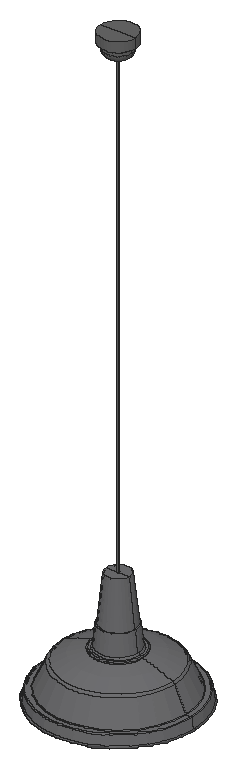
Revit family "OSNC LED 24,36,40", category Lighting Fixtures, Revit 2020
Family settings
  Round Connector Dimension = Use Diameter
  Part Type = Normal
  OmniClass Number = 23.80.70.00
  OmniClass Title = Lighting
  Work Plane-Based = No
  Always vertical = Yes
  Cut with Voids When Loaded = No
  Light Source = Yes
  Shared = No
  Room Calculation Point = No
Parameters (values of type "OSNC24")
  b = 0' - 2"
  a = 1' - 6"
  Weight = "14.5 lbs"
  Wattage Comments = "37 W"
  Wattage = 20.1963 W
  Warranty = "5 year limited warranty"  # constant formula
  built-in parameter 1150110 = 1 (stored number, unit not read)
  Voltage = 120 V
  URL = "https://www.anplighting.com/assets/Uploads/product-attachments/specification-sheets/ANP-Specification-Sheet-RLM-LED-OSNC24.pdf"
  built-in parameter 1114217 = 1 (stored number, unit not read)
  Tilt Angle = 90.00°
  built-in parameter 1150109 = 1 (stored number, unit not read)
  built-in parameter 1150134 = 12
  built-in parameter 1150113 = 1 (stored number, unit not read)
  Photometric Web File = "generic"
  OSNC40 = no
  OSNC36 = no
  OSNC24 = yes
  built-in parameter 1150142 = (empty or 0)
  Mounting Option [instance] = 1
  Power Factor = 1
  Post Mount [instance] = Mounting Option = 5  # no
  Placement X axis side [instance] = if(Post Mount, 2' 2 15/32", if(Cord or Stem Mount, 0' 0", if(E36 20 inch, 1' 8 1/4", if(E 6 26 inch, 2' 2", if(E7 41 inch, 3' 5 1/4", 0' 1")))))  # 0' - 0"
  Model = "OSNC24"
  Manufacturer = "ANP Lighting"  # constant formula
  built-in parameter 1150105 = 238.73 (stored number, unit not read)
  Lumens = 3000 lm
  built-in parameter 1150115 = 1 (stored number, unit not read)
  Load Classification = Lighting
  Light Source Height [instance] = 0' - 0"
  built-in parameter 1150137 = (empty or 0)
  built-in parameter 1150139 = (empty or 0)
  Light Elevation _2 [instance] = if(Post Mount, 0' 0.66142", if(E7 41 inch, 0' 0.66142", if(E36 20 inch, 0' 1.65748", if(E 6 26 inch, 0' 1.53543", if(Cord or Stem Mount, (0' 4.3622" + Cord Length), 0' 0")))))  # 6' - 4.3622"
  Light Elevation _1 [instance] = if(Post Mount, 0' 0", if(E7 41 inch, 0' 0", if(E36 20 inch, 0' 1", if(E 6 26 inch, 0' 0.87402", if(Cord or Stem Mount, (0' 3.66142" + Cord Length), 0' 0")))))  # 6' - 3.66142"
  Light Elevation [instance] = if(Post Mount, 14' 0.5315", if(E7 41 inch, 0' 0", 0' 0"))  # 0' - 0"
  Life = "L70 50,000 hours"  # constant formula
  built-in parameter 1150112 = 1 (stored number, unit not read)
  built-in parameter 1150114 = 1 (stored number, unit not read)
  Lamp = "LED"
  built-in parameter 1150132 = 2
  built-in parameter 1150102 = (empty or 0)
  built-in parameter 1150107 = 4000 (stored number, unit not read)
  built-in parameter 1150138 = (empty or 0)
  built-in parameter 1150106 = 2.3873 (stored number, unit not read)
  INSIDE BODY = white
  Fixture Height = 1' - 6"
  Fixture Diameter = 2' - 0"
  Efficiency = "65-125 lumens per watt"  # constant formula
  built-in parameter 1150104 = 13.8 (stored number, unit not read)
  E7 41 inch [instance] = Mounting Option = 4  # no
  E36 20 inch [instance] = Mounting Option = 3  # no
  E 6 26 inch [instance] = Mounting Option = 2  # no
  Dimming Lamp Color Temperature Shift = <None>
  Dimming = "1%"  # constant formula
  Description = "120-277 Voltage"  # constant formula
  Default Elevation = 0' - 0"
  Cord or Stem Mount [instance] = Mounting Option = 1  # yes
  Cord Length option [instance] = 6
  Cord Length [instance] = if([2' Cord], 2' 0", if([4' Cord], 4' 0", if([8' Cord], 8' 0", if([10' Cord], 10' 0", if([6' Cord], 6' 0", 6' 0")))))  # 6' - 0"
  Construction Material = "Heavy Duty spun aluminum."  # constant formula
  Color Filter = 16777215
  Canopy Body = BLACK
  CRI = ">90"  # constant formula
  Bulb = Glass
  Body Material = body
  Body Colour = "Spun aluminium"  # constant formula
  built-in parameter 1114218 = 1 (stored number, unit not read)
  built-in parameter 1150133 = 10 (stored number, unit not read)
  Apparent Load = 37 VA
  8' Cord [instance] = Cord Length option = 8  # no
  6' Cord [instance] = Cord Length option = 6  # yes
  4' Cord [instance] = Cord Length option = 4  # no
  2' Cord [instance] = Cord Length option = 2  # no
  10' Cord [instance] = Cord Length option = 10  # no
Reference planes (in)
  plane 1 "Light Source Axis (F/B)": y = 0
  plane 2: z = 0
  plane 3 "Light Source Axis (L/R)": x = 0
  plane 4 "Light Source Elevation": z = 0
  plane 5: z = 0
  plane 6: x = 0
  plane 7 "Bulb Position": z = -76.3622
  plane 8 "Canopy Position": z = -75.66142
  plane 9 "IES": z = -76.3622
  plane 10: z = 164.5315
  plane 11: z = -93.66142
  plane 12: z = -91.66142
  plane 13: z = -89.23029
Dimensions and locks (in)
  "Light Elevation": plane 5 to plane 2
  "Placement X axis side": plane 6 to plane 3 "Light Source Axis (L/R)"
  "Light Elevation _2": plane 5 to plane 7 "Bulb Position"
  "Light Elevation _1": plane 5 to plane 8 "Canopy Position"
  "Light Source Height": plane 7 "Bulb Position" to plane 9 "IES"
  plane 4 "Light Source Elevation" to plane 2 = 0' - 0"
  "a": plane 8 "Canopy Position" to plane 11
  "b": plane 12 to plane 11
  locked: plane 13 to plane 12 at 2.43113
  aligned and locked: level to plane 2
  aligned and locked: plane 1 "Light Source Axis (F/B)" to nested 5
  aligned and locked: nested 5 to plane 2
  aligned and locked: nested 1 to plane 3 "Light Source Axis (L/R)"
  aligned and locked: plane 3 "Light Source Axis (L/R)" to nested 2
  aligned and locked: plane 3 "Light Source Axis (L/R)" to nested 4
  aligned and locked: nested 3 to plane 5
  aligned and locked: plane 3 "Light Source Axis (L/R)" to nested 3
  aligned and locked: plane 3 "Light Source Axis (L/R)" to nested 5
  aligned and locked: plane 1 "Light Source Axis (F/B)" to nested 2
  aligned and locked: plane 1 "Light Source Axis (F/B)" to nested 1
  aligned and locked: plane 1 "Light Source Axis (F/B)" to nested 4
  aligned and locked: plane 1 "Light Source Axis (F/B)" to nested 3
  aligned and locked: plane 2 to nested 1
  aligned and locked: plane 2 to nested 2
  aligned and locked: nested 4 to plane 2
  aligned and locked: imposter light to plane 6
  aligned and locked: plane 12 to imposter light
  aligned and locked: plane 1 "Light Source Axis (F/B)" to nested 6
  aligned and locked: plane 1 "Light Source Axis (F/B)" to nested 7
  aligned and locked: plane 1 "Light Source Axis (F/B)" to nested 8
  aligned and locked: plane 6 to nested 7
  aligned and locked: plane 6 to nested 6
  aligned and locked: plane 6 to nested 8
  aligned and locked: plane 8 "Canopy Position" to nested 6
  aligned and locked: nested 7 to plane 8 "Canopy Position"
  aligned and locked: nested 8 to plane 8 "Canopy Position"
Nested families (in)
  nested 1: "CORD OR STEM MOUNT" at (0, 0, -75.67), visible <- "Cord or Stem Mount", Cord or Stem Mount <- "Cord or Stem Mount", Body Material <- "Body Material", Light Elevation <- "Light Elevation", Cord Length <- "Cord Length", 10' Cord <- "10' Cord", 2' Cord <- "2' Cord", 4' Cord <- "4' Cord", 6' Cord <- "6' Cord", 8' Cord <- "8' Cord", type "CORD OR STEM MOUNT"
    with Light Elevation 0' - 0", Cord or Stem Mount yes, Cord Length 6' - 0", Body Material body, 8' Cord no, 6' Cord yes, 4' Cord no, 2' Cord no, 10' Cord no
  nested 2: "E6 26 INCH" at (0, 0, 0), visible <- "E 6 26 inch", Chain Length <- "Cord Length", E 6 26 inch <- "E 6 26 inch", Placement X axis side <- "Placement X axis side", Body Material <- "Body Material", Light Elevation <- "Light Elevation", type "E6 26 INCH"
    with Placement X axis side 0' - 0", Light Elevation 0' - 0", E 6 26 inch no, Chain Length 6' - 0", Body Material body
  nested 3: "E7 41 INCH" at (0, 0, 0), Chain Length <- "Cord Length", visible <- "E7 41 inch", E7 41 inch <- "E7 41 inch", Placement X axis side <- "Placement X axis side", Body Material <- "Body Material", Light Elevation <- "Light Elevation", type "E7 41 INCH"
    with Placement X axis side 0' - 0", Light Elevation 0' - 0", E7 41 inch no, Chain Length 6' - 0", Body Material body
  nested 4: "E36 20 INCH" at (0, 0, 0), visible <- "E36 20 inch", E36 20 inch <- "E36 20 inch", Placement X axis side <- "Placement X axis side", Chain Length <- "Cord Length", Body Material <- "Body Material", Light Elevation <- "Light Elevation", type "E36 20 INCH"
    with Placement X axis side 0' - 0", Light Elevation 0' - 0", E36 20 inch no, Chain Length 6' - 0", Body Material body
  nested 5: "POST MOUNT" at (0, 0, 0), visible <- "Post Mount", Post Mount <- "Post Mount", Placement X axis side <- "Placement X axis side", Chain Length <- "Cord Length", Body Material <- "Body Material", Light Elevation <- "Light Elevation", type "POST MOUNT"
    with Post Mount no, Placement X axis side 0' - 0", Light Elevation 0' - 0", Chain Length 6' - 0", Body Material body
  nested 6: "OSNC40_1" at (0, 0, -75.66142), OSNC40 <- "OSNC40", visible <- "OSNC40", Body <- "Canopy Body", Bulb <- "Bulb", Light Elevation <- "Light Elevation", INSIDE BODY <- "INSIDE BODY", type "OSNC40_1"
    with OSNC40 no, Light Elevation 0' - 0", INSIDE BODY white, Bulb Glass, Body BLACK
  nested 7: "OSNC36_1" at (0, 0, -75.66142), OSNC36 <- "OSNC36", visible <- "OSNC36", Body <- "Canopy Body", Bulb <- "Bulb", Light Elevation <- "Light Elevation", INSIDE BODY <- "INSIDE BODY", type "OSNC36_1"
    with OSNC36 no, Light Elevation 0' - 0", INSIDE BODY white, Bulb Glass, Body BLACK
  nested 8: "OSNC24_1" at (0, 0, -75.66142), OSNC24 <- "OSNC24", visible <- "OSNC24", Body <- "Canopy Body", Bulb <- "Bulb", Light Elevation <- "Light Elevation", INSIDE BODY <- "INSIDE BODY", type "OSNC24_1"
    with OSNC24 yes, Light Elevation 0' - 0", INSIDE BODY white, Bulb Glass, Body BLACK
Definition of nested family "CORD OR STEM MOUNT"
  Parameters (values of type "CORD OR STEM MOUNT")
    URL = ""
    Model = ""
    Manufacturer = ""
    Light Elevation [instance] = 1' - 7.69"
    Default Elevation = 0' - 0"
    Cord or Stem Mount [instance] = yes
    Cord Length [instance] = 6' - 0"
    Body Material [instance] = none
    8' Cord [instance] = no
    6' Cord [instance] = no
    4' Cord [instance] = no
    2' Cord [instance] = no
    10' Cord [instance] = no
  Reference planes (in)
    plane 1 "Light Source Axis (F/B)": y = 0
    plane 2: z = 0
    plane 3 "Light Source Axis (L/R)": x = 0
    plane 4 "Light Source Elevation": z = 23.125
    plane 5: z = 91.69
    plane 6: z = 19.69
  Forms (in)
    Extrusion 1, void, not visible
      sketch origin (0, 0, 2.38154) x (1, 0, 0) y (0, 0, 1)
        loop
          circle (0, 4.59925) r 0.16583
      from 1.18594 to 1.75
    Extrusion 2, void, not visible
      sketch origin (0, 0, 2.38154) x (0.707107, -0.707107, 0) y (0, 0, 1)
        loop
          circle (0, 4.59925) r 0.16583
      from 1.18594 to 1.75
    Extrusion 3, void, not visible
      sketch origin (0, 0, 2.38154) x (0.707107, 0.707107, 0) y (0, 0, 1)
        loop
          circle (0, 4.59925) r 0.16583
      from 1.18594 to 1.75
    Extrusion 4, void, not visible
      sketch origin (0, 0, 2.38154) x (0, 1, 0) y (0, 0, 1)
        loop
          circle (0, 4.59925) r 0.16583
      from 1.18594 to 1.75
    Extrusion 5, void, not visible
      sketch origin (0, 0, 2.38154) x (-0.707107, 0.707107, 0) y (0, 0, 1)
        loop
          circle (0, 4.59925) r 0.16583
      from 1.18594 to 1.75
    Extrusion 6, void, not visible
      sketch origin (0, 0, 2.38154) x (-1, 0, 0) y (0, 0, 1)
        loop
          circle (0, 4.59925) r 0.20678
      from 1.18594 to 1.75
    Extrusion 7, void, not visible
      sketch origin (0, 0, 2.38154) x (-0.707107, -0.707107, 0) y (0, 0, 1)
        loop
          circle (0, 4.59925) r 0.16583
      from 1.18594 to 1.75
    Extrusion 8, void, not visible
      sketch origin (0, 0, 2.38154) x (0, -1, 0) y (0, 0, 1)
        loop
          circle (0, 4.59925) r 0.16583
      from 1.18594 to 1.75
    Revolve 9, solid, material <- "Body Material", visible <- "Cord or Stem Mount"
      sketch origin (0, 0, 174.56698) x (1, 0, 0) y (0, 0, 1)
        loop
          line (2.6875, -79.20698) -> (0, -79.20698) -> (0, -82.87698) -> (0.125, -82.87698) -> (0.125, -82.83698) -> (0.75, -82.83698)
          arc (0.75, -82.83698) -> (0.81694, -82.77004) -> (0.75, -82.7031) r 0.06694
          line (0.75, -82.7031) -> (0.89763, -82.7031) -> (1.00223, -82.5985) -> (1.06587, -82.5985)
          arc (1.06587, -82.5985) -> (1.80099, -82.29401) -> (2.10549, -81.55888) r 1.03962
          line (2.10549, -81.55888) -> (2.10549, -81.03899)
          arc (2.10549, -81.03899) -> (2.12951, -80.981) -> (2.1875, -80.95698) r 0.08201
          line (2.1875, -80.95698) -> (2.1875, -80.70698) -> (2.6875, -80.70698) -> (2.6875, -79.20698)
        axis (0, -79.20698) -> (0, -82.87698)
      angle from 0 to 360
    Revolve 10, solid, material <- "Body Material", visible <- "Cord or Stem Mount"
      sketch origin (0, 0, 0) x (1, 0, 0) y (0, 0, 1)
        loop
          line (0, 91.69) -> (-0.125, 91.69) -> (-0.125, 19.69) -> (0, 19.69) -> (0, 91.69)
        axis (0, 19.69) -> (0, 91.69)
      angle from 0 to 360
  Dimensions and locks (in)
    "Light Elevation": plane 6 to plane 2
    "Cord Length": plane 5 to plane 6
    locked: Revolve 10 sketch curve to Revolve 10 sketch curve at 0.125
    aligned and locked: level to plane 2
    aligned and locked: Revolve 10 sketch curve to plane 3 "Light Source Axis (L/R)"
    aligned and locked: Revolve 10 sketch curve to plane 6
    aligned and locked: Revolve 10 sketch curve to plane 5
    aligned and locked: plane 3 "Light Source Axis (L/R)" to Revolve 10 sketch curve
  Automatic sketch dimensions
    Revolve 9 sketch curve to plane 3 "Light Source Axis (L/R)" = 0' - 0"  (x2)
    Revolve 9 sketch curve to plane 5 = 0' - 0"
    plane 3 "Light Source Axis (L/R)" to Revolve 9 sketch curve = 0' - 0 1/8"
    Revolve 9 sketch curve to plane 5 = 0' - 0.17388"
    Revolve 9 sketch curve to Revolve 9 sketch curve = 0' - 0 5/8"
    Revolve 9 sketch curve to Revolve 9 sketch curve = 0' - 0.14763"
    Revolve 9 sketch curve to plane 5 = 0' - 0.27847"
    Revolve 9 sketch curve to Revolve 9 sketch curve = 0' - 0.1046"
    Revolve 9 sketch curve to Revolve 9 sketch curve = 0' - 0.06364"
    Revolve 9 sketch curve to Revolve 9 sketch curve = 0' - 1.03962"
    Revolve 9 sketch curve to Revolve 9 sketch curve = 0' - 0 21/256"
    Revolve 9 sketch curve to Revolve 9 sketch curve = 0' - 0 1/2"  (x2)
    Revolve 9 sketch curve to Revolve 9 sketch curve = 0' - 0.51989"
    Revolve 9 sketch curve to Revolve 9 sketch curve = 0' - 0 1/4"
    Revolve 9 sketch curve to Revolve 9 sketch curve = 0' - 2.3519"
    Revolve 9 sketch curve to Revolve 9 sketch curve = 0' - 1 1/4"
    Revolve 9 sketch curve to Revolve 9 sketch curve = 0' - 0.04"
    Revolve 10 sketch curve to Revolve 10 sketch curve = 0' - 0 1/2"
    Revolve 10 sketch curve to Revolve 10 sketch curve = 0' - 0.42345"
Definition of nested family "OSNC24_1"
  Parameters (values of type "OSNC24_1")
    OSNC24 [instance] = yes
    Light Elevation [instance] = 2' - 0"
    INSIDE BODY [instance] = none
    Default Elevation = 0' - 0"
    Bulb [instance] = none
    Body [instance] = none
  Reference planes (in)
    plane 1 "Center (Front/Back)": y = 0
    plane 2: z = 0
    plane 3 "Center (Left/Right)": x = 0
    plane 4: z = 24
  Dimensions and locks (in)
    "Light Elevation": plane 4 to plane 2
    locked: plane 4 to nested 2 at 14.14719
    aligned and locked: plane 2 to level
    aligned and locked: plane 3 "Center (Left/Right)" to nested 1
    aligned and locked: plane 1 "Center (Front/Back)" to nested 1
    aligned and locked: plane 4 to nested 1
    aligned and locked: plane 3 "Center (Left/Right)" to nested 2
    aligned and locked: plane 1 "Center (Front/Back)" to nested 2
  Nested families (in)
    nested 1: "OSNC 24" at (0, 0, 6), BODY <- "Body", visible <- "OSNC24", OSNC24 <- "OSNC24", INSIDE BODY <- "INSIDE BODY", type "Standard"
      with OSNC24 yes, BODY none
    nested 2: "Bulb" at (0, 0, 12.46165), OSNC24 <- "OSNC24", visible <- "OSNC24", Bulb <- "Bulb", type "Bulb"
      with OSNC24 yes, Bulb none
  Definition of nested family "OSNC 24"
    Parameters (values of type "Standard")
      OSNC24 [instance] = yes
      INSIDE BODY [instance] = none
      BODY [instance] = none
      Default Elevation = 0' - 0"
    Reference planes (in)
      plane 1 "Center (Front/Back)": y = 0
      plane 2: z = 0
      plane 3 "Center (Left/Right)": x = 0
      plane 4: z = 18
      plane 5: x = 12
      plane 6: x = -12
    Forms (in)
      Revolve 1, solid, material <- "BODY", visible <- "OSNC24"
        sketch origin (0, 0, 0) x (1, 0, 0) y (0, 0, 1)
          loop
            line (-11.54212, 1.65559) -> (-11.82258, 0.10398)
            arc (-11.82258, 0.10398) -> (-11.91378, 0.10882) -> (-11.86732, 0.18745) r 0.0534
            line (-11.86732, 0.18745) -> (-11.86732, 0.26745)
            arc (-11.86732, 0.26745) -> (-11.98023, 0.06179) -> (-11.74612, 0.07722) r 0.13378
            line (-11.74612, 0.07722) -> (-11.46513, 1.63175)
            arc (-11.46513, 1.63175) -> (-11.44215, 1.65653) -> (-11.4092, 1.66404) r 0.05725
            line (-11.4092, 1.66404) -> (-10.65794, 1.66404)
            arc (-10.65794, 1.66404) -> (-10.52488, 1.70238) -> (-10.43265, 1.80566) r 0.25
            line (-10.43265, 1.80566) -> (-8.7595, 5.28384)
            arc (-8.7595, 5.28384) -> (-8.62287, 5.45969) -> (-8.42596, 5.56371) r 0.52881
            arc (-8.42596, 5.56371) -> (-6.1773, 6.56841) -> (-3.81475, 7.26427) r 18.42738
            line (-3.81475, 7.26427) -> (-3.81475, 7.3888)
            arc (-3.81475, 7.3888) -> (-3.79567, 7.43486) -> (-3.74962, 7.45393) r 0.06513
            line (-3.74962, 7.45393) -> (-3.24784, 7.45393)
            arc (-3.24784, 7.45393) -> (-3.18444, 7.62787) -> (-3.03401, 7.73576) r 0.31366
            line (-3.03401, 7.73576) -> (-2.74314, 10.85026) -> (-2.51793, 10.85026) -> (-1.73658, 17.89075) -> (-0.19061, 17.89075) -> (-0.19061, 18) -> (-1.8218, 18) -> (-2.60613, 10.93252) -> (-2.81505, 10.93252) -> (-3.10885, 7.78662)
            arc (-3.10885, 7.78662) -> (-3.23796, 7.67944) -> (-3.32393, 7.53533) r 0.49587
            line (-3.32393, 7.53533) -> (-3.75008, 7.53533)
            arc (-3.75008, 7.53533) -> (-3.85238, 7.49296) -> (-3.89475, 7.39066) r 0.14467
            line (-3.89475, 7.39066) -> (-3.89475, 7.32866)
            arc (-3.89475, 7.32866) -> (-6.23889, 6.66502) -> (-8.45312, 5.64886) r 15.79896
            arc (-8.45312, 5.64886) -> (-8.67563, 5.52377) -> (-8.83047, 5.32083) r 0.63177
            line (-8.83047, 5.32083) -> (-10.51332, 1.8225)
            arc (-10.51332, 1.8225) -> (-10.56326, 1.76658) -> (-10.63531, 1.74582) r 0.13537
            line (-10.63531, 1.74582) -> (-11.40835, 1.74582)
            arc (-11.40835, 1.74582) -> (-11.48928, 1.72153) -> (-11.54212, 1.65559) r 0.14209
          axis (0, 0.07722) -> (0, 18)
        angle from 0 to 360
      Revolve 2, solid, material <- "INSIDE BODY", visible <- "OSNC24"
        sketch origin (1, 0, 0) x (1, 0, 0) y (0, 0, 1)
          loop
            line (-12.36938, 1.57394) -> (-12.63508, 0.10398) -> (-12.55378, 0.10398) -> (-12.30286, 1.49216) -> (-11.33345, 1.49216) -> (-9.52242, 5.25697)
            arc (-9.52242, 5.25697) -> (-7.24198, 6.30977) -> (-4.83957, 7.04268) r 18.42738
            line (-4.83957, 7.04268) -> (-4.26975, 7.04268) -> (-4.26975, 7.14116) -> (-4.76975, 7.14116)
            arc (-4.76975, 7.14116) -> (-7.25084, 6.42633) -> (-9.58236, 5.31691) r 15.79896
            line (-9.58236, 5.31691) -> (-11.38289, 1.57394) -> (-12.36938, 1.57394)
          axis (-1, 0.10398) -> (-1, 7.14116)
        angle from 0 to 360
    Dimensions and locks (in)
      plane 4 to plane 2 = 1' - 6"
      plane 5 to plane 3 "Center (Left/Right)" = 1' - 0"
      plane 6 to plane 5 = 2' - 0"
      aligned and locked: plane 2 to level
      aligned and locked: plane 3 "Center (Left/Right)" to Revolve 2 sketch curve
  Definition of nested family "Bulb"
    Parameters (values of type "Bulb")
      OSNC24 [instance] = yes
      Default Elevation = 0' - 0"
      Bulb [instance] = none
    Reference planes (in)
      plane 1 "Center (Front/Back)": y = 0
      plane 2: z = 0
      plane 3 "Center (Left/Right)": x = 0
    Forms (in)
      Revolve 1, solid, material <- "Bulb", visible <- "OSNC24"
        sketch origin (0.00446, 0, 0.00567) x (1, 0, 0) y (0, 0, 1)
          loop
            arc (-1.22244, -3.28132) -> (-0.86108, -4.13031) -> (0, -4.46182) r 1.18347
            line (0, -4.46182) -> (0, -3.28132) -> (-1.22244, -3.28132)
          axis (0, -4.46182) -> (0, -3.28132)
        angle from 0 to 360
      Revolve 2, solid, material <- "Bulb", visible <- "OSNC24"
        sketch origin (0, 0, 0) x (1, 0, 0) y (0, 0, 1)
          loop
            line (0.00225, -3.02565) -> (0.00225, -3.27565) -> (1.76788, -3.27565) -> (1.76788, -3.02565) -> (0.00225, -3.02565)
          axis (0.00225, -3.02565) -> (0.00225, -3.27565)
        angle from 0 to 360
      Revolve 3, solid, material <- "Bulb", visible <- "OSNC24"
        sketch origin (0, 0, 0) x (1, 0, 0) y (0, 0, 1)
          loop
            line (5.75, -2.81724) -> (0, -2.81724) -> (0, -3.02565) -> (5.75, -3.02565) -> (5.75, -2.81724)
          axis (0, -3.02565) -> (0, -2.81724)
        angle from 0 to 360
      Revolve 4, solid, material <- "Bulb", visible <- "OSNC24"
        sketch origin (0, 0, 0) x (1, 0, 0) y (0, 0, 1)
          loop
            line (7.3125, -2.81724) -> (7.3125, -2.60885) -> (0, -2.60885) -> (0, -2.81724) -> (7.3125, -2.81724)
          axis (0, -2.60885) -> (0, -2.81724)
        angle from 0 to 360
    Dimensions and locks (in)
      aligned and locked: plane 2 to level
Definition of nested family "E6 26 INCH"
  Parameters (values of type "E6 26 INCH")
    URL = ""
    Placement X axis side [instance] = 2' - 2"
    Model = ""
    Manufacturer = ""
    Light Elevation [instance] = 8' - 4"
    E 6 26 inch [instance] = yes
    Default Elevation = 0' - 0"
    Chain Length [instance] = 0' - 0"
    Body Material [instance] = none
  Reference planes (in)
    plane 1 "Light Source Axis (F/B)": y = 0
    plane 2: z = 0
    plane 3 "Light Source Axis (L/R)": x = 0
    plane 4 "Light Source Elevation": z = 23.125
    plane 5: z = 100
    plane 6: x = -26
    plane 7: z = 99.125
    plane 8: x = -24.12
    plane 9: x = -25.5474
  Forms (in)
    Extrusion 1, void, not visible
      sketch origin (0, 0, 2.38154) x (1, 0, 0) y (0, 0, 1)
        loop
          circle (0, 4.59925) r 0.16583
      from 1.18594 to 1.75
    Extrusion 2, void, not visible
      sketch origin (0, 0, 2.38154) x (0.707107, -0.707107, 0) y (0, 0, 1)
        loop
          circle (0, 4.59925) r 0.16583
      from 1.18594 to 1.75
    Extrusion 3, void, not visible
      sketch origin (0, 0, 2.38154) x (0.707107, 0.707107, 0) y (0, 0, 1)
        loop
          circle (0, 4.59925) r 0.16583
      from 1.18594 to 1.75
    Extrusion 4, void, not visible
      sketch origin (0, 0, 2.38154) x (0, 1, 0) y (0, 0, 1)
        loop
          circle (0, 4.59925) r 0.16583
      from 1.18594 to 1.75
    Extrusion 5, void, not visible
      sketch origin (0, 0, 2.38154) x (-0.707107, 0.707107, 0) y (0, 0, 1)
        loop
          circle (0, 4.59925) r 0.16583
      from 1.18594 to 1.75
    Extrusion 6, void, not visible
      sketch origin (0, 0, 2.38154) x (-1, 0, 0) y (0, 0, 1)
        loop
          circle (0, 4.59925) r 0.20678
      from 1.18594 to 1.75
    Extrusion 7, void, not visible
      sketch origin (0, 0, 2.38154) x (-0.707107, -0.707107, 0) y (0, 0, 1)
        loop
          circle (0, 4.59925) r 0.16583
      from 1.18594 to 1.75
    Extrusion 8, void, not visible
      sketch origin (0, 0, 2.38154) x (0, -1, 0) y (0, 0, 1)
        loop
          circle (0, 4.59925) r 0.16583
      from 1.18594 to 1.75
    Sweep 9, solid, material <- "Body Material", visible <- "E 6 26 inch"
      path origin (-41.25, 0, 168.51693) x (1, 0, 0) y (0, 0, 1)
        loop
          line (17.13, -68.51693) -> (27.68551, -68.51693)
          arc (27.68551, -68.51693) -> (28.47996, -68.34486) -> (29.13202, -67.8595) r 1.92004
          line (29.13202, -67.8595) -> (34.23651, -62.01155)
          arc (34.23651, -62.01155) -> (38.65464, -60.89667) -> (41.25, -64.64193) r 4
          line (41.25, -64.64193) -> (41.25, -69.39193)
      profile origin (-18.84224, 0, 100) x (0, 0, 1) y (0, -1, 0)
        loop
          circle (0, 0) r 0.5
    Revolve 10, solid, material <- "Body Material", visible <- "E 6 26 inch"
      sketch origin (-26, 0, 168.51693) x (1, 0, 0) y (0, 0, 1)
        loop
          line (0, -66.07943) -> (0, -68.51693) -> (1.88, -68.51693) -> (1.88, -67.69272) -> (0.4526, -67.69272) -> (0.4526, -66.54122) -> (0.33125, -66.54122) -> (0.33125, -66.07943) -> (0, -66.07943)
        axis (0, -68.51693) -> (1.88, -68.51693)
      angle from 0 to 360
    Extrusion 11, solid, material <- "Body Material", visible <- "E 6 26 inch"
      sketch origin (-26, 0, 168.51693) x (0, -1, 0) y (0, 0, -1)
        loop
          line (0.25, 68.51693) -> (0.25, 69.51693) -> (-0.25, 69.51693) -> (-0.25, 68.51693) -> (0.25, 68.51693)
      from 0.4526 to 1.88
  Cuts and joins
    joined: Revolve 10, Extrusion 11
  Dimensions and locks (in)
    "Light Elevation": plane 5 to plane 2
    "Placement X axis side": plane 3 "Light Source Axis (L/R)" to plane 6
    locked: plane 5 to plane 7 at 0.875
    Revolve 10 sketch curve to Revolve 10 sketch curve to Revolve 10 sketch curve to plane 6 = 0' - 1.4274" locked, 0' - 0.12135" locked, 0' - 0.33125" locked
    Revolve 10 sketch curve to Revolve 10 sketch curve to Revolve 10 sketch curve to plane 5 = 0' - 0.46179" locked, 0' - 1.1515" locked, 0' - 0 211/256" locked
    locked: Sweep 9 sketch curve to plane 6 at 1.88
    locked: Sweep 9 sketch curve to Sweep 9 sketch curve at 10.55551
    locked: Sweep 9 sketch curve to Sweep 9 sketch curve at 13.56449
    locked: Sweep 9 sketch curve to Sweep 9 sketch curve at 4.75
    locked: plane 9 to plane 6 at 0.4526
    locked: plane 8 to plane 9 at 1.4274
    aligned and locked: level to plane 2
    aligned and locked: Revolve 10 sketch curve to plane 6
    aligned and locked: plane 5 to Revolve 10 sketch curve
    aligned and locked: Revolve 10 sketch curve to plane 5
    aligned and locked: cut or joined group of Revolve 10, Extrusion 11 to plane 9
    aligned and locked: plane 8 to cut or joined group of Revolve 10, Extrusion 11
  Automatic sketch dimensions
    Sweep 9 sketch curve to plane 5 = 0' - 0"
    Sweep 9 sketch curve to Sweep 9 sketch curve = 0' - 4"
    Sweep 9 sketch curve to Sweep 9 sketch curve = 0' - 3.01349"
    plane 5 to Sweep 9 sketch curve = 0' - 0.65743"
    Sweep 9 sketch curve to Sweep 9 sketch curve = 0' - 1.4465"
    Sweep 9 sketch curve to plane 5 = 0' - 0 7/8"
    profile plane to Sweep 9 sketch curve = 0' - 0"
    Sweep 9 sketch curve to profile plane = 0' - 0"
    plane 6 to Revolve 10 sketch curve = 0' - 0.62562"
    Revolve 10 sketch curve to Revolve 10 sketch curve = 0' - 0 1/2"
    Extrusion 11 sketch curve to plane 5 = 0' - 0"
    plane 1 "Light Source Axis (F/B)" to Extrusion 11 sketch curve = 0' - 0 1/4"
    Extrusion 11 sketch curve to plane 1 "Light Source Axis (F/B)" = 0' - 0 1/4"
    plane 5 to Extrusion 11 sketch curve = 0' - 1"
    radius of Sweep 9 sketch curve = 0' - 0 1/2"
Definition of nested family "E7 41 INCH"
  Parameters (values of type "E7 41 INCH")
    URL = ""
    Placement X axis side [instance] = 4' - 2"
    Model = ""
    Manufacturer = ""
    Light Elevation [instance] = 8' - 4"
    E7 41 inch [instance] = yes
    Default Elevation = 0' - 0"
    Chain Length [instance] = 0' - 0"
    Body Material [instance] = none
  Reference planes (in)
    plane 1 "Light Source Axis (F/B)": y = 0
    plane 2: z = 0
    plane 3 "Light Source Axis (L/R)": x = 0
    plane 4 "Light Source Elevation": z = 23.125
    plane 5: z = 100
    plane 6: x = -50
  Forms (in)
    Extrusion 1, void, not visible
      sketch origin (0, 0, 2.38154) x (1, 0, 0) y (0, 0, 1)
        loop
          circle (0, 4.59925) r 0.16583
      from 1.18594 to 1.75
    Extrusion 2, void, not visible
      sketch origin (0, 0, 2.38154) x (0.707107, -0.707107, 0) y (0, 0, 1)
        loop
          circle (0, 4.59925) r 0.16583
      from 1.18594 to 1.75
    Extrusion 3, void, not visible
      sketch origin (0, 0, 2.38154) x (0.707107, 0.707107, 0) y (0, 0, 1)
        loop
          circle (0, 4.59925) r 0.16583
      from 1.18594 to 1.75
    Extrusion 4, void, not visible
      sketch origin (0, 0, 2.38154) x (0, 1, 0) y (0, 0, 1)
        loop
          circle (0, 4.59925) r 0.16583
      from 1.18594 to 1.75
    Extrusion 5, void, not visible
      sketch origin (0, 0, 2.38154) x (-0.707107, 0.707107, 0) y (0, 0, 1)
        loop
          circle (0, 4.59925) r 0.16583
      from 1.18594 to 1.75
    Extrusion 6, void, not visible
      sketch origin (0, 0, 2.38154) x (-1, 0, 0) y (0, 0, 1)
        loop
          circle (0, 4.59925) r 0.20678
      from 1.18594 to 1.75
    Extrusion 7, void, not visible
      sketch origin (0, 0, 2.38154) x (-0.707107, -0.707107, 0) y (0, 0, 1)
        loop
          circle (0, 4.59925) r 0.16583
      from 1.18594 to 1.75
    Extrusion 8, void, not visible
      sketch origin (0, 0, 2.38154) x (0, -1, 0) y (0, 0, 1)
        loop
          circle (0, 4.59925) r 0.16583
      from 1.18594 to 1.75
    Revolve 9, solid, material <- "Body Material", visible <- "E7 41 inch"
      sketch origin (-41.25, 0, 168.39193) x (1, 0, 0) y (0, 0, 1)
        loop
          line (-8.75, -66.20443) -> (-8.75, -68.51693) -> (-6.87, -68.51693) -> (-6.87, -67.69272) -> (-8.2974, -67.69272) -> (-8.2974, -66.54122) -> (-8.41875, -66.54122) -> (-8.41875, -66.20443) -> (-8.75, -66.20443)
        axis (-8.75, -68.51693) -> (-6.87, -68.51693)
      angle from 0 to 360
    Extrusion 10, solid, material <- "Body Material", visible <- "E7 41 inch"
      sketch origin (-41.25, 0, 168.39193) x (0, -1, 0) y (0, 0, -1)
        loop
          line (0.25, 68.51693) -> (0.25, 69.51693) -> (-0.25, 69.51693) -> (-0.25, 68.51693) -> (0.25, 68.51693)
      from -8.2974 to -6.87
    Sweep 11, solid, material <- "Body Material", visible <- "E7 41 inch"
      path origin (-41.25, 0, 168.39193) x (1, 0, 0) y (0, 0, 1)
        loop
          line (-6.87, -68.51693) -> (16.04011, -68.51693)
          arc (16.04011, -68.51693) -> (17.864, -68.13651) -> (19.38375, -67.0587) r 4.5625
          line (19.38375, -67.0587) -> (24.70217, -61.33018)
          arc (24.70217, -61.33018) -> (29.64465, -60.20324) -> (32.5, -64.39193) r 4.5
          line (32.5, -64.39193) -> (32.5, -68.39193)
      profile origin (-36.66494, 0, 99.875) x (0, 0, 1) y (0, -1, 0)
        loop
          circle (0, 0) r 0.5
  Dimensions and locks (in)
    "Placement X axis side": plane 3 "Light Source Axis (L/R)" to plane 6
    "Light Elevation": plane 5 to plane 2
    locked: Revolve 9 sketch curve to Revolve 9 sketch curve at 0.33125
    locked: Revolve 9 sketch curve to Revolve 9 sketch curve at 0.4526
    locked: Revolve 9 sketch curve to Revolve 9 sketch curve at 1.88
    locked: Revolve 9 sketch curve to Revolve 9 sketch curve at 0.82421
    locked: Revolve 9 sketch curve to Revolve 9 sketch curve at 1.1515
    locked: Revolve 9 sketch curve to Revolve 9 sketch curve at 0.33679
    locked: plane 5 to Revolve 9 sketch curve at 0.125
    locked: Extrusion 10 sketch curve to Extrusion 10 sketch curve at 0.5
    locked: Extrusion 10 sketch curve to Extrusion 10 sketch curve at 1
    locked: plane 5 to Extrusion 10 sketch curve at 0.125
    locked: plane 5 to Sweep 11 sketch curve at 0.125
    locked: Sweep 11 sketch curve to Sweep 11 sketch curve at 39.37
    locked: Sweep 11 sketch curve to Sweep 11 sketch curve at 4
    locked: plane 6 to Extrusion 10 at 0.4526
    locked: Sweep 11 sketch curve to plane 6 at 1.88
    locked: Extrusion 10 to Extrusion 10 at 1.4274
    aligned and locked: plane 2 to level
    aligned and locked: Revolve 9 sketch curve to plane 6
  Automatic sketch dimensions
    Revolve 9 sketch curve to plane 5 = 0' - 0 1/8"
    plane 6 to Revolve 9 sketch curve = 0' - 0.62562"
    Revolve 9 sketch curve to Revolve 9 sketch curve = 0' - 0 1/2"
    plane 1 "Light Source Axis (F/B)" to Extrusion 10 sketch curve = 0' - 0 1/4"
    Sweep 11 sketch curve to plane 5 = 0' - 0"
    Sweep 11 sketch curve to Sweep 11 sketch curve = 0' - 4 1/2"
    Sweep 11 sketch curve to Sweep 11 sketch curve = 0' - 3.29783"
    plane 5 to Sweep 11 sketch curve = 0' - 1.33323"
    Sweep 11 sketch curve to Sweep 11 sketch curve = 0' - 5.31842"
    Sweep 11 sketch curve to Sweep 11 sketch curve = 0' - 3.34364"
    profile plane to Sweep 11 sketch curve = 0' - 0"
    Sweep 11 sketch curve to profile plane = 0' - 0"
    radius of Sweep 11 sketch curve = 0' - 0 1/2"
Definition of nested family "E36 20 INCH"
  Parameters (values of type "E36 20 INCH")
    URL = ""
    Placement X axis side [instance] = 1' - 8 1/4"
    Model = ""
    Manufacturer = ""
    Light Elevation [instance] = 8' - 4"
    E36 20 inch [instance] = yes
    Default Elevation = 0' - 0"
    Chain Length [instance] = 0' - 0"
    Body Material [instance] = none
  Reference planes (in)
    plane 1 "Light Source Axis (F/B)": y = 0
    plane 2: z = 0
    plane 3 "Light Source Axis (L/R)": x = 0
    plane 4 "Light Source Elevation": z = 23.125
    plane 5: z = 99
    plane 6: x = -20.25
    plane 7: z = 100
    plane 8: x = -18.37008
    plane 9: x = -19.79724
  Forms (in)
    Extrusion 1, void, not visible
      sketch origin (0, 0, 2.38154) x (1, 0, 0) y (0, 0, 1)
        loop
          circle (0, 4.59925) r 0.16583
      from 1.18594 to 1.75
    Extrusion 2, void, not visible
      sketch origin (0, 0, 2.38154) x (0.707107, -0.707107, 0) y (0, 0, 1)
        loop
          circle (0, 4.59925) r 0.16583
      from 1.18594 to 1.75
    Extrusion 3, void, not visible
      sketch origin (0, 0, 2.38154) x (0.707107, 0.707107, 0) y (0, 0, 1)
        loop
          circle (0, 4.59925) r 0.16583
      from 1.18594 to 1.75
    Extrusion 4, void, not visible
      sketch origin (0, 0, 2.38154) x (0, 1, 0) y (0, 0, 1)
        loop
          circle (0, 4.59925) r 0.16583
      from 1.18594 to 1.75
    Extrusion 5, void, not visible
      sketch origin (0, 0, 2.38154) x (-0.707107, 0.707107, 0) y (0, 0, 1)
        loop
          circle (0, 4.59925) r 0.16583
      from 1.18594 to 1.75
    Extrusion 6, void, not visible
      sketch origin (0, 0, 2.38154) x (-1, 0, 0) y (0, 0, 1)
        loop
          circle (0, 4.59925) r 0.20678
      from 1.18594 to 1.75
    Extrusion 7, void, not visible
      sketch origin (0, 0, 2.38154) x (-0.707107, -0.707107, 0) y (0, 0, 1)
        loop
          circle (0, 4.59925) r 0.16583
      from 1.18594 to 1.75
    Extrusion 8, void, not visible
      sketch origin (0, 0, 2.38154) x (0, -1, 0) y (0, 0, 1)
        loop
          circle (0, 4.59925) r 0.16583
      from 1.18594 to 1.75
    Sweep 9, solid, material <- "Body Material", visible <- "E36 20 inch"
      path origin (-41.25, 0, 169.51693) x (1, 0, 0) y (0, 0, 1)
        loop
          line (22.88, -69.51693) -> (28.93827, -69.51693)
          arc (28.93827, -69.51693) -> (29.97705, -69.28152) -> (30.81284, -68.62128) r 2.40953
          line (30.81284, -68.62128) -> (34.13807, -64.50378)
          arc (34.13807, -64.50378) -> (38.58272, -63.24548) -> (41.25, -67.01693) r 4
          line (41.25, -67.01693) -> (41.25, -70.51693)
      profile origin (-15.34086, 0, 100) x (0, 0, 1) y (0, -1, 0)
        loop
          circle (0, 0) r 0.5
    Revolve 10, solid, material <- "Body Material", visible <- "E36 20 inch"
      sketch origin (-20.25, 0, 169.51693) x (1, 0, 0) y (0, 0, 1)
        loop
          line (0, -67.20443) -> (0, -69.51693) -> (1.88, -69.51693) -> (1.88, -68.69272) -> (0.4526, -68.69272) -> (0.4526, -67.54122) -> (0.33125, -67.54122) -> (0.33125, -67.20443) -> (0, -67.20443)
        axis (0, -69.51693) -> (1.88, -69.51693)
      angle from 0 to 360
    Extrusion 11, solid, material <- "Body Material", visible <- "E36 20 inch"
      sketch origin (-20.25, 0, 169.51693) x (0, -1, 0) y (0, 0, -1)
        loop
          line (0.25, 69.51693) -> (0.25, 70.51693) -> (-0.25, 70.51693) -> (-0.25, 69.51693) -> (0.25, 69.51693)
      from 1.87992 to 0.45276
  Cuts and joins
    joined: Revolve 10, Extrusion 11
  Dimensions and locks (in)
    "Light Elevation": plane 7 to plane 2
    "Placement X axis side": plane 3 "Light Source Axis (L/R)" to plane 6
    locked: plane 7 to plane 5 at 1
    Revolve 10 sketch curve to Revolve 10 sketch curve to Revolve 10 sketch curve to plane 7 = 0' - 0.33679" locked, 0' - 1.1515" locked, 0' - 0 211/256" locked
    locked: Sweep 9 sketch curve to plane 6 at 1.88
    locked: Sweep 9 sketch curve to Sweep 9 sketch curve at 6.05827
    locked: Sweep 9 sketch curve to Sweep 9 sketch curve at 12.31173
    locked: Sweep 9 sketch curve to Sweep 9 sketch curve at 3.5
    Revolve 10 sketch curve to Revolve 10 sketch curve to Revolve 10 sketch curve to plane 6 = 0' - 1.4274" locked, 0' - 0.12135" locked, 0' - 0.33125" locked
    locked: plane 9 to plane 6 at 0.45276
    locked: plane 8 to plane 9 at 1.42717
    aligned and locked: level to plane 2
    aligned and locked: plane 7 to Revolve 10 sketch curve
    aligned and locked: Revolve 10 sketch curve to plane 7
    aligned and locked: Revolve 10 sketch curve to plane 6
    aligned and locked: cut or joined group of Revolve 10, Extrusion 11 to plane 9
    aligned and locked: plane 8 to cut or joined group of Revolve 10, Extrusion 11
  Automatic sketch dimensions
    Sweep 9 sketch curve to plane 7 = 0' - 0"
    Sweep 9 sketch curve to plane 5 = 0' - 0"
    Sweep 9 sketch curve to Sweep 9 sketch curve = 0' - 4"
    Sweep 9 sketch curve to plane 7 = 0' - 0.89565"
    Sweep 9 sketch curve to Sweep 9 sketch curve = 0' - 3.32523"
    Sweep 9 sketch curve to Sweep 9 sketch curve = 0' - 1.87457"
    profile plane to Sweep 9 sketch curve = 0' - 0"
    Sweep 9 sketch curve to profile plane = 0' - 0"
    plane 6 to Revolve 10 sketch curve = 0' - 0.62562"
    Revolve 10 sketch curve to Revolve 10 sketch curve = 0' - 0 1/2"
    plane 7 to Extrusion 11 sketch curve = 0' - 0"
    Extrusion 11 sketch curve to plane 5 = 0' - 0"
    plane 1 "Light Source Axis (F/B)" to Extrusion 11 sketch curve = 0' - 0 1/4"
    Extrusion 11 sketch curve to plane 1 "Light Source Axis (F/B)" = 0' - 0 1/4"
    radius of Sweep 9 sketch curve = 0' - 0 1/2"
Definition of nested family "POST MOUNT"
  Parameters (values of type "POST MOUNT")
    URL = ""
    Post Mount [instance] = yes
    Placement X axis side [instance] = 2' - 2 1/2"
    Model = ""
    Manufacturer = ""
    Light Elevation [instance] = 14' - 0.5168"
    Default Elevation = 0' - 0"
    Chain Length [instance] = 0' - 0"
    Body Material [instance] = none
  Reference planes (in)
    plane 1 "Light Source Axis (F/B)": y = 0
    plane 2: z = 0
    plane 3 "Light Source Axis (L/R)": x = 0
    plane 4 "Light Source Elevation": z = 23.125
    plane 5: x = -26.5
    plane 6: z = 168.5168
  Forms (in)
    Extrusion 1, void, not visible
      sketch origin (0, 0, 2.38154) x (1, 0, 0) y (0, 0, 1)
        loop
          circle (0, 4.59925) r 0.16583
      from 1.18594 to 1.75
    Extrusion 2, void, not visible
      sketch origin (0, 0, 2.38154) x (0.707107, -0.707107, 0) y (0, 0, 1)
        loop
          circle (0, 4.59925) r 0.16583
      from 1.18594 to 1.75
    Extrusion 3, void, not visible
      sketch origin (0, 0, 2.38154) x (0.707107, 0.707107, 0) y (0, 0, 1)
        loop
          circle (0, 4.59925) r 0.16583
      from 1.18594 to 1.75
    Extrusion 4, void, not visible
      sketch origin (0, 0, 2.38154) x (0, 1, 0) y (0, 0, 1)
        loop
          circle (0, 4.59925) r 0.16583
      from 1.18594 to 1.75
    Extrusion 5, void, not visible
      sketch origin (0, 0, 2.38154) x (-0.707107, 0.707107, 0) y (0, 0, 1)
        loop
          circle (0, 4.59925) r 0.16583
      from 1.18594 to 1.75
    Extrusion 6, void, not visible
      sketch origin (0, 0, 2.38154) x (-1, 0, 0) y (0, 0, 1)
        loop
          circle (0, 4.59925) r 0.20678
      from 1.18594 to 1.75
    Extrusion 7, void, not visible
      sketch origin (0, 0, 2.38154) x (-0.707107, -0.707107, 0) y (0, 0, 1)
        loop
          circle (0, 4.59925) r 0.16583
      from 1.18594 to 1.75
    Extrusion 8, void, not visible
      sketch origin (0, 0, 2.38154) x (0, -1, 0) y (0, 0, 1)
        loop
          circle (0, 4.59925) r 0.16583
      from 1.18594 to 1.75
    Revolve 9, solid, material <- "Body Material", visible <- "Post Mount"
      sketch origin (-7.90508, 0, 0) x (1, 0, 0) y (0, 0, 1)
        loop
          line (-18.59492, 3.92912) -> (-16.29831, 3.92912) -> (-16.29831, 4.2668) -> (-16.91413, 4.2668) -> (-16.91413, 134.5168) -> (-17.16413, 134.5168) -> (-17.16413, 137.3918) -> (-17.05979, 137.3918)
          arc (-17.05979, 137.3918) -> (-16.93479, 137.5168) -> (-17.05979, 137.6418) r 0.125
          line (-17.05979, 137.6418) -> (-17.48032, 137.6418) -> (-17.48032, 139.0793) -> (-17.73032, 139.0793) -> (-17.73032, 139.5793) -> (-18.59492, 139.5793) -> (-18.59492, 3.92912)
        axis (-18.59492, 139.5793) -> (-18.59492, 3.92912)
      angle from 0 to 360
    Extrusion 10, solid, material <- "Body Material", visible <- "Post Mount"
      sketch origin (0, 0, 0) x (1, 0, 0) y (0, 1, 0)
        loop
          line (-20.5, 5.93079) -> (-32.5, 5.93079) -> (-32.5, -6.06921) -> (-20.5, -6.06921) -> (-20.5, 5.93079)
      from 0 to 3.92912
    Sweep 11, solid, material <- "Body Material", visible <- "Post Mount"
      path origin (0, 0, 48.5) x (1, 0, 0) y (0, 0, 1)
        loop
          line (0, 120.0168) -> (0, 128.0168)
          arc (0, 128.0168) -> (-13.25, 141.2668) -> (-26.5, 128.0168) r 13.25
          line (-26.5, 128.0168) -> (-26.5, 91.0793)
      profile origin (0, 0, 172.5168) x (-1, 0, 0) y (0, -1, 0)
        loop
          circle (0, 0) r 0.5
    Revolve 12, solid, material <- "Body Material", visible <- "Post Mount"
      sketch origin (0, 0, 0) x (1, 0, 0) y (0, 0, 1)
        loop
          line (0, 168.5168) -> (0.75, 168.5168) -> (0.75, 170.7668) -> (0, 170.7668) -> (0, 168.5168)
        axis (0, 170.7668) -> (0, 168.5168)
      angle from 0 to 360
  Cuts and joins
    joined: Revolve 9, Extrusion 10, Sweep 11, Revolve 12
  Dimensions and locks (in)
    "Placement X axis side": plane 3 "Light Source Axis (L/R)" to plane 5
    "Light Elevation": plane 6 to plane 2
    locked: Revolve 12 sketch curve to plane 5 at 26.5  (x2)
    locked: Revolve 9 sketch curve to plane 2 at 3.92912
    locked: Revolve 9 sketch curve to plane 5 at 2.29661
    locked: Revolve 9 sketch curve to plane 5 at 1.68079
    locked: Revolve 9 sketch curve to plane 5 at 1.43079
    locked: Revolve 9 sketch curve to plane 5 at 1.11461
    locked: Revolve 9 sketch curve to plane 5 at 0.86461
    locked: Revolve 9 sketch curve to Revolve 9 sketch curve at 130.58768
    locked: Revolve 9 sketch curve to Revolve 9 sketch curve at 2.875
    locked: Revolve 9 sketch curve to Revolve 9 sketch curve at 0.25
    locked: Revolve 9 sketch curve to Revolve 9 sketch curve at 1.4375
    locked: Revolve 9 sketch curve to Revolve 9 sketch curve at 0.5
    locked: Sweep 11 sketch curve to Sweep 11 sketch curve at 26.5
    locked: Revolve 12 sketch curve to Revolve 12 sketch curve at 0.75
    locked: cut or joined group of Revolve 9, Extrusion 10, Sweep 11, Revolve 12 to plane 2 at 139.5793
    aligned and locked: level to plane 2
    aligned and locked: plane 5 to Sweep 11 sketch curve
    aligned and locked: Revolve 9 sketch curve to plane 5
  Automatic sketch dimensions
    Revolve 9 sketch curve to plane 5 = 0' - 0"
    Revolve 9 sketch curve to Revolve 9 sketch curve = 0' - 0.10434"
    Revolve 9 sketch curve to Revolve 9 sketch curve = 0' - 0.33768"
    Revolve 9 sketch curve to Revolve 9 sketch curve = 0' - 0 1/4"
    Revolve 9 sketch curve to Revolve 9 sketch curve = 0' - 0 7/16"
    Extrusion 10 sketch curve to plane 5 = 0' - 6"
    plane 5 to Extrusion 10 sketch curve = 0' - 6"
    plane 1 "Light Source Axis (F/B)" to Extrusion 10 sketch curve = 0' - 6.06921"
    Extrusion 10 sketch curve to plane 1 "Light Source Axis (F/B)" = 0' - 5.93079"
    Sweep 11 sketch curve to profile plane = 0' - 0"
    profile plane to Sweep 11 sketch curve = 0' - 0"
    Sweep 11 sketch curve to plane 6 = 0' - 0"
    Sweep 11 sketch curve to plane 6 = 0' - 8"
    plane 6 to Sweep 11 sketch curve = 2' - 4 15/16"
    Revolve 12 sketch curve to plane 6 = 0' - 0"
    Revolve 12 sketch curve to plane 6 = 0' - 2 1/4"
    Revolve 12 sketch curve to Revolve 12 sketch curve = 0' - 0 1/2"
    Revolve 12 sketch curve to Revolve 12 sketch curve = 0' - 0"
    radius of Sweep 11 sketch curve = 0' - 0 1/2"
Definition of nested family "OSNC40_1"
  Parameters (values of type "OSNC40_1")
    OSNC40 [instance] = yes
    Light Elevation [instance] = 4' - 0"
    INSIDE BODY [instance] = none
    Default Elevation = 0' - 0"
    Bulb [instance] = none
    Body [instance] = none
  Reference planes (in)
    plane 1 "Center (Front/Back)": y = 0
    plane 2: z = 0
    plane 3 "Center (Left/Right)": x = 0
    plane 4: z = 48
  Dimensions and locks (in)
    "Light Elevation": plane 4 to plane 2
    locked: plane 4 to nested 1 at 20.14246
    aligned and locked: plane 2 to level
    aligned and locked: plane 3 "Center (Left/Right)" to nested 1
    aligned and locked: plane 1 "Center (Front/Back)" to nested 1
    aligned and locked: plane 3 "Center (Left/Right)" to nested 2
    aligned and locked: plane 1 "Center (Front/Back)" to nested 2
    aligned and locked: plane 4 to nested 2
  Nested families (in)
    nested 1: "Bulb" at (0, 0, 30.46639), Bulb <- "Bulb", visible <- "OSNC40", OSNC40 <- "OSNC40", type "Bulb"
      with Bulb none
    nested 2: "OSNC40" at (0, 0, 18), body <- "Body", visible <- "OSNC40", OSNC40 <- "OSNC40", INSIDE BODY <- "INSIDE BODY", type "OSNC40"
      with body none, OSNC40 yes, INSIDE BODY none
  Definition of nested family "Bulb"
    Parameters (values of type "Bulb")
      OSNC40 [instance] = yes
      Default Elevation = 0' - 0"
      Bulb [instance] = none
    Reference planes (in)
      plane 1 "Center (Front/Back)": y = 0
      plane 2: z = 0
      plane 3 "Center (Left/Right)": x = 0
    Forms (in)
      Revolve 1, solid, material <- "Bulb", visible <- "OSNC40"
        sketch origin (0.00446, 0, 0.00567) x (1, 0, 0) y (0, 0, 1)
          loop
            arc (-1.22244, -3.28132) -> (-0.86108, -4.13031) -> (0, -4.46182) r 1.18347
            line (0, -4.46182) -> (0, -3.28132) -> (-1.22244, -3.28132)
          axis (0, -4.46182) -> (0, -3.28132)
        angle from 0 to 360
      Revolve 2, solid, material <- "Bulb", visible <- "OSNC40"
        sketch origin (0, 0, 0) x (1, 0, 0) y (0, 0, 1)
          loop
            line (0.00225, -3.02565) -> (0.00225, -3.27565) -> (1.76788, -3.27565) -> (1.76788, -3.02565) -> (0.00225, -3.02565)
          axis (0.00225, -3.02565) -> (0.00225, -3.27565)
        angle from 0 to 360
      Revolve 3, solid, material <- "Bulb", visible <- "OSNC40"
        sketch origin (0, 0, 0) x (1, 0, 0) y (0, 0, 1)
          loop
            line (5.75, -2.81724) -> (0, -2.81724) -> (0, -3.02565) -> (5.75, -3.02565) -> (5.75, -2.81724)
          axis (0, -3.02565) -> (0, -2.81724)
        angle from 0 to 360
      Revolve 4, solid, material <- "Bulb", visible <- "OSNC40"
        sketch origin (0, 0, 0) x (1, 0, 0) y (0, 0, 1)
          loop
            line (7.3125, -2.81724) -> (7.3125, -2.60885) -> (0, -2.60885) -> (0, -2.81724) -> (7.3125, -2.81724)
          axis (0, -2.60885) -> (0, -2.81724)
        angle from 0 to 360
    Dimensions and locks (in)
      aligned and locked: plane 2 to level
  Definition of nested family "OSNC40"
    Parameters (values of type "OSNC40")
      body [instance] = none
      OSNC40 [instance] = yes
      INSIDE BODY [instance] = none
      Default Elevation = 0' - 0"
    Reference planes (in)
      plane 1 "Center (Front/Back)": y = 0
      plane 2: z = 0
      plane 3 "Center (Left/Right)": x = 0
      plane 4: z = 30
      plane 5: x = 20
      plane 6: x = -20
    Forms (in)
      Revolve 1, solid, material <- "body", visible <- "OSNC40"
        sketch origin (0, 0, 0) x (1, 0, 0) y (0, 0, 1)
          loop
            line (-0.13, 29.91336) -> (-0.13, 30) -> (-3.0666, 30)
            arc (-3.0666, 30) -> (-3.10491, 29.98533) -> (-3.12362, 29.94883) r 0.05735
            line (-3.12362, 29.94883) -> (-4.39168, 18.26059)
            arc (-4.39168, 18.26059) -> (-4.43053, 18.18489) -> (-4.50999, 18.15447) r 0.11901
            line (-4.50999, 18.15447) -> (-4.64153, 18.15447)
            arc (-4.64153, 18.15447) -> (-4.72569, 18.11962) -> (-4.76054, 18.03546) r 0.11901
            line (-4.76054, 18.03546) -> (-4.76054, 17.9149) -> (-5.2365, 12.91768)
            arc (-5.2365, 12.91768) -> (-5.46454, 12.75093) -> (-5.59382, 12.49974) r 0.61421
            line (-5.59382, 12.49974) -> (-6.30846, 12.49974)
            arc (-6.30846, 12.49974) -> (-6.4762, 12.43026) -> (-6.54568, 12.26252) r 0.23722
            line (-6.54568, 12.26252) -> (-6.54568, 12.15481)
            arc (-6.54568, 12.15481) -> (-10.53012, 10.97898) -> (-14.31191, 9.25956) r 29.74878
            arc (-14.31191, 9.25956) -> (-14.58209, 9.06795) -> (-14.7737, 8.79776) r 0.98746
            line (-14.7737, 8.79776) -> (-17.56002, 3.00552)
            arc (-17.56002, 3.00552) -> (-17.64715, 2.89534) -> (-17.78131, 2.85375) r 0.23722
            line (-17.78131, 2.85375) -> (-19.06429, 2.85375)
            arc (-19.06429, 2.85375) -> (-19.19727, 2.81298) -> (-19.28453, 2.70468) r 0.23722
            line (-19.28453, 2.70468) -> (-19.75174, 0.11995)
            arc (-19.75174, 0.11995) -> (-19.90515, 0.12721) -> (-19.82627, 0.25899) r 0.0895
            line (-19.82627, 0.25899) -> (-19.82627, 0.33712)
            arc (-19.82627, 0.33712) -> (-19.96939, 0.08225) -> (-19.67727, 0.09271) r 0.16762
            line (-19.67727, 0.09271) -> (-19.2092, 2.68221)
            arc (-19.2092, 2.68221) -> (-19.1505, 2.75025) -> (-19.06429, 2.77563) r 0.15909
            line (-19.06429, 2.77563) -> (-17.78131, 2.77563)
            arc (-17.78131, 2.77563) -> (-17.60434, 2.82997) -> (-17.48836, 2.97426) r 0.31534
            line (-17.48836, 2.97426) -> (-14.7033, 8.7639)
            arc (-14.7033, 8.7639) -> (-14.52619, 9.01336) -> (-14.27638, 9.18996) r 0.90934
            arc (-14.27638, 9.18996) -> (-10.47432, 10.91639) -> (-6.46755, 12.09197) r 29.67065
            line (-6.46755, 12.09197) -> (-6.46755, 12.26252)
            arc (-6.46755, 12.26252) -> (-6.42095, 12.37501) -> (-6.30846, 12.42161) r 0.15909
            line (-6.30846, 12.42161) -> (-5.52921, 12.42161)
            arc (-5.52921, 12.42161) -> (-5.40991, 12.69452) -> (-5.16336, 12.86164) r 0.53609
            line (-5.16336, 12.86164) -> (-4.68242, 17.91119) -> (-4.68242, 18.03546)
            arc (-4.68242, 18.03546) -> (-4.67044, 18.06437) -> (-4.64153, 18.07635) r 0.04089
            line (-4.64153, 18.07635) -> (-4.50999, 18.07635)
            arc (-4.50999, 18.07635) -> (-4.37837, 18.12673) -> (-4.31402, 18.25212) r 0.19714
            line (-4.31402, 18.25212) -> (-3.05556, 29.85186)
            arc (-3.05556, 29.85186) -> (-3.03307, 29.89573) -> (-2.98703, 29.91336) r 0.06893
            line (-2.98703, 29.91336) -> (-0.13, 29.91336)
          axis (0, 30) -> (0, 0.09271)
        angle from 0 to 360
      Revolve 2, solid, material <- "INSIDE BODY", visible <- "OSNC40"
        sketch origin (2, 0, 0) x (1, 0, 0) y (0, 0, 1)
          loop
            line (-16.40759, 8.90921) -> (-19.41002, 2.6677)
            arc (-19.41002, 2.6677) -> (-19.49238, 2.57549) -> (-19.61117, 2.54125) r 0.22321
            line (-19.61117, 2.54125) -> (-20.87679, 2.54125)
            arc (-20.87679, 2.54125) -> (-20.98926, 2.5129) -> (-21.07484, 2.4346) r 0.23722
            line (-21.07484, 2.4346) -> (-21.56708, 0.10648) -> (-21.48686, 0.10648) -> (-21.00149, 2.40284)
            arc (-21.00149, 2.40284) -> (-20.94604, 2.44726) -> (-20.87679, 2.46313) r 0.15909
            line (-20.87679, 2.46313) -> (-19.59422, 2.46313)
            arc (-19.59422, 2.46313) -> (-19.4482, 2.50521) -> (-19.34697, 2.61856) r 0.27437
            line (-19.34697, 2.61856) -> (-16.34786, 8.85316)
            arc (-16.34786, 8.85316) -> (-12.36363, 10.71555) -> (-8.14786, 11.96854) r 29.67065
            line (-8.14786, 11.96854) -> (-7.48318, 11.96854) -> (-7.48318, 12.02981) -> (-8.23318, 12.02981)
            arc (-8.23318, 12.02981) -> (-12.43574, 10.77169) -> (-16.40759, 8.90921) r 29.74878
          axis (-2, 12.02981) -> (-2, 0.10648)
        angle from 0 to 360
    Dimensions and locks (in)
      plane 4 to plane 2 = 2' - 6"
      plane 5 to plane 3 "Center (Left/Right)" = 1' - 8"
      equal spacing: plane 6, plane 3 "Center (Left/Right)", plane 5
      plane 6 to plane 5 = 3' - 4"
      aligned and locked: plane 2 to level
      aligned and locked: Revolve 2 sketch curve to plane 3 "Center (Left/Right)"
    Automatic sketch dimensions
      Revolve 1 sketch curve to Revolve 1 sketch curve = 0' - 0"  (x18)
      Revolve 1 sketch curve to plane 4 = 0' - 0"
      Revolve 1 sketch curve to plane 3 "Center (Left/Right)" = 0' - 0"
      Revolve 1 sketch curve to plane 3 "Center (Left/Right)" = 0' - 0.13"
      Revolve 1 sketch curve to plane 3 "Center (Left/Right)" = 0' - 0.13842"
      Revolve 1 sketch curve to plane 4 = 0' - 0.15557"
      Revolve 1 sketch curve to Revolve 1 sketch curve = 0' - 2.85703"
      Revolve 1 sketch curve to plane 4 = 0' - 0.14814"
      Revolve 1 sketch curve to Revolve 1 sketch curve = 0' - 0.06853"
      Revolve 1 sketch curve to Revolve 1 sketch curve = 0' - 0.07957"
      Revolve 1 sketch curve to plane 4 = 0' - 0.05117"
      Revolve 1 sketch curve to Revolve 1 sketch curve = 0' - 0.05702"
      Revolve 1 sketch curve to plane 3 "Center (Left/Right)" = 0' - 4.31402"
      Revolve 1 sketch curve to Revolve 1 sketch curve = 0' - 0.07766"
      Revolve 1 sketch curve to Revolve 1 sketch curve = 0' - 0.11831"
      Revolve 1 sketch curve to Revolve 1 sketch curve = 0' - 0.13154"
      Revolve 1 sketch curve to Revolve 1 sketch curve = 0' - 0.04089"
      Revolve 1 sketch curve to Revolve 1 sketch curve = 0' - 0 5/64"  (x2)
      Revolve 1 sketch curve to plane 3 "Center (Left/Right)" = 0' - 4.99769"
      Revolve 1 sketch curve to Revolve 1 sketch curve = 0' - 0.16567"
      Revolve 1 sketch curve to Revolve 1 sketch curve = 0' - 0.07314"
      Revolve 1 sketch curve to Revolve 1 sketch curve = 0' - 0.53152"
      Revolve 1 sketch curve to Revolve 1 sketch curve = 0' - 0.06461"
      Revolve 1 sketch curve to Revolve 1 sketch curve = 0' - 0.71464"
      Revolve 1 sketch curve to Revolve 1 sketch curve = 0' - 0.15909"
      Revolve 1 sketch curve to plane 6 = 0' - 6.11615"
      Revolve 1 sketch curve to Revolve 1 sketch curve = 0' - 0.81945"
      Revolve 1 sketch curve to Revolve 1 sketch curve = 0' - 0.0704"
      Revolve 1 sketch curve to plane 6 = 0' - 2.51164"
      Revolve 1 sketch curve to Revolve 1 sketch curve = 0' - 0.07166"
      Revolve 1 sketch curve to Revolve 1 sketch curve = 0' - 0.22129"
      Revolve 1 sketch curve to plane 6 = 0' - 0.93571"
      Revolve 1 sketch curve to Revolve 1 sketch curve = 0' - 0.14491"
      Revolve 1 sketch curve to Revolve 1 sketch curve = 0' - 0.07533"
      level to Revolve 1 sketch curve = 0' - 0.09271"
      Revolve 1 sketch curve to plane 6 = 0' - 0.32273"
      level to Revolve 1 sketch curve = 0' - 0.11995"
      Revolve 1 sketch curve to Revolve 1 sketch curve = 0' - 0.07447"
      Revolve 1 sketch curve to Revolve 1 sketch curve = 0' - 0.07453"
      Revolve 1 sketch curve to level = 1' - 4.89578"
      Revolve 1 sketch curve to Revolve 1 sketch curve = 0' - 0.04954"
      Revolve 1 sketch curve to Revolve 1 sketch curve = 0' - 2.27941"
      Revolve 1 sketch curve to Revolve 1 sketch curve = 0' - 0.06568"
      Revolve 1 sketch curve to Revolve 1 sketch curve = 0' - 0.02247"
      Revolve 1 sketch curve to Revolve 1 sketch curve = 0' - 0.12051"
      Revolve 1 sketch curve to Revolve 1 sketch curve = 0' - 5.39544"
      Revolve 1 sketch curve to Revolve 1 sketch curve = 0' - 0.39419"
      Revolve 1 sketch curve to Revolve 1 sketch curve = 0' - 0.03387"
      Revolve 1 sketch curve to Revolve 1 sketch curve = 0' - 3.72226"
      Revolve 1 sketch curve to Revolve 1 sketch curve = 0' - 0.06284"
      Revolve 1 sketch curve to Revolve 1 sketch curve = 0' - 0.10771"
      Revolve 1 sketch curve to Revolve 1 sketch curve = 0' - 0.06982"
      Revolve 1 sketch curve to Revolve 1 sketch curve = 0' - 4.99351"
      Revolve 1 sketch curve to Revolve 1 sketch curve = 0' - 0.00371"
      Revolve 1 sketch curve to Revolve 1 sketch curve = 0' - 0.12056"
      Revolve 1 sketch curve to Revolve 1 sketch curve = 0' - 0 25/256"
      Revolve 1 sketch curve to level = 0' - 1.42021"
      Revolve 1 sketch curve to Revolve 1 sketch curve = 0' - 1 85/128"
      Revolve 2 sketch curve to Revolve 2 sketch curve = 0' - 0"  (x4)
      level to Revolve 2 sketch curve = 0' - 0.10648"
      Revolve 2 sketch curve to plane 6 = 0' - 0.43292"
      Revolve 2 sketch curve to Revolve 2 sketch curve = 0' - 0.08023"
      Revolve 2 sketch curve to plane 6 = 0' - 0.92516"
      Revolve 2 sketch curve to Revolve 2 sketch curve = 0' - 0.07336"
      Revolve 2 sketch curve to Revolve 2 sketch curve = 0' - 0.12469"
      Revolve 2 sketch curve to Revolve 2 sketch curve = 0' - 1 17/64"
      Revolve 2 sketch curve to Revolve 2 sketch curve = 0' - 0.01695"
      Revolve 2 sketch curve to Revolve 2 sketch curve = 0' - 0.18419"
      Revolve 2 sketch curve to Revolve 2 sketch curve = 0' - 0.06305"
      Revolve 2 sketch curve to plane 6 = 0' - 5.59241"
      Revolve 2 sketch curve to Revolve 2 sketch curve = 0' - 0.05973"
      Revolve 2 sketch curve to plane 3 "Center (Left/Right)" = 0' - 6.23318"
      Revolve 2 sketch curve to Revolve 2 sketch curve = 0' - 0.08531"
      Revolve 2 sketch curve to Revolve 2 sketch curve = 0' - 0.66469"
      plane 3 "Center (Left/Right)" to Revolve 2 sketch curve = 0' - 0.17408"
      Revolve 2 sketch curve to Revolve 2 sketch curve = 0' - 2.19755"
      Revolve 2 sketch curve to Revolve 2 sketch curve = 0' - 0.09881"
      Revolve 2 sketch curve to Revolve 2 sketch curve = 0' - 0.03177"
      Revolve 2 sketch curve to Revolve 2 sketch curve = 0' - 0.07731"
      Revolve 2 sketch curve to Revolve 2 sketch curve = 0' - 0.04914"
      Revolve 2 sketch curve to Revolve 2 sketch curve = 0' - 6.18545"
      Revolve 2 sketch curve to Revolve 2 sketch curve = 0' - 0.05605"
      Revolve 2 sketch curve to Revolve 2 sketch curve = 0' - 0.06127"
      Revolve 2 sketch curve to level = 0' - 1.42021"
